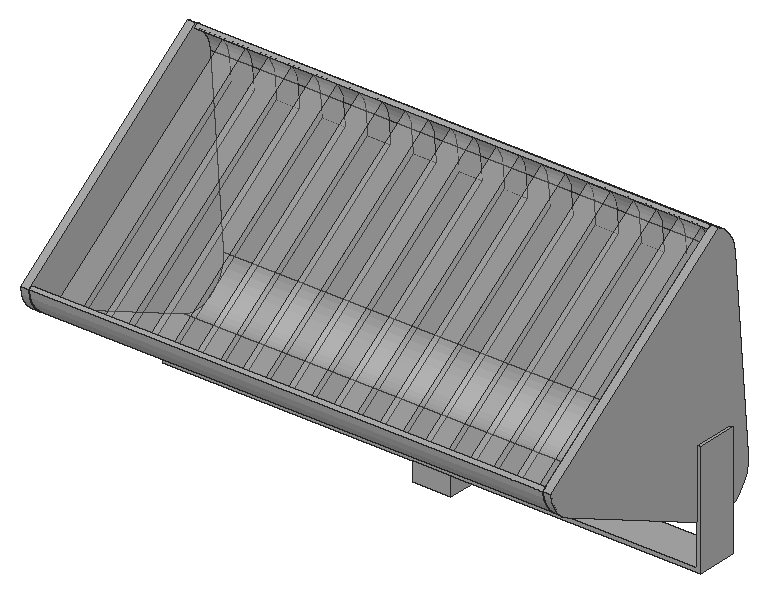
Revit family "AKTHLCE227", category Lighting Fixtures, host Face, Revit 2012
Parameters (values of type "AKTHLCE227")
  Wattage Comments = "24W/26W/27W"
  Wattage = 27 W
  built-in parameter 1150110 = 1 (stored number, unit not read)
  built-in parameter 1114217 = 1 (stored number, unit not read)
  Tilt Angle = -90.00°
  built-in parameter 1150109 = 1 (stored number, unit not read)
  built-in parameter 1150134 = 3
  built-in parameter 1150113 = 1 (stored number, unit not read)
  Photometric Web File = "generic"
  built-in parameter 1150142 = (empty or 0)
  built-in parameter 1150105 = 319.16 (stored number, unit not read)
  Lumens = 4010.63 lm
  built-in parameter 1150115 = 1 (stored number, unit not read)
  built-in parameter 1150137 = (empty or 0)
  built-in parameter 1150139 = (empty or 0)
  built-in parameter 1150112 = 1 (stored number, unit not read)
  built-in parameter 1150114 = 1 (stored number, unit not read)
  built-in parameter 1150132 = (empty or 0)
  built-in parameter 1150102 = (empty or 0)
  built-in parameter 1150107 = 3200 (stored number, unit not read)
  built-in parameter 1150138 = (empty or 0)
  built-in parameter 1150106 = 3.1916 (stored number, unit not read)
  Finish = Diecast Aluminium
  URL = "http://www.prescolite.com"
  Product Page URL = "http://www.prescolite.com/products/wall_wash/"
  Product Documentation Link = ""
  Model = "AKTHLCE227"  # constant formula
  Manufacturer Phone = "864-678-1000"  # constant formula
  Manufacturer Fax = "864-678-1065"  # constant formula
  Manufacturer = "Prescolite"  # constant formula
  Lamp = "2"
  Family = "CFL Wall Wash"
  Emit from Line Length = 24"
  built-in parameter 1150104 = 13.8 (stored number, unit not read)
  Dimming Lamp Color Temperature Shift = <None>
  Description = "Two High Lumen CFL RS Lamp upto 27W"  # constant formula
  Default Elevation = 48"
  Color Filter = 16777215
  Blades = Metallic specular clear
  built-in parameter 1114218 = 1 (stored number, unit not read)
  built-in parameter 1150133 = 10 (stored number, unit not read)
Reference planes (in)
  plane 1 "Center (Front/Back)": y = 0
  plane 2: z = 0
  plane 3 "Center (Left/Right)": x = 0.0375
  plane 4: z = 0
  plane 5: z = 8.5
  plane 6: x = -7.025
  plane 7: x = 7.1
  plane 8: x = -6.925
  plane 9: x = 7
Forms (in)
  Extrusion 1, solid, material "Diecast Aluminium" <- "Finish"
    sketch origin (0, 0, 0) x (1, 0, 0) y (0, 0, 1)
      loop
        line (-7.025, 3.48908) -> (-7.025, 0.5) -> (7.1, 0.5) -> (7.1, 3.48908) -> (7, 3.48908) -> (7, 0.60156) -> (-6.925, 0.60156) -> (-6.925, 3.48908) -> (-7.025, 3.48908)
    from -0.5291 to 0.52581
  Extrusion 2, solid, material "Diecast Aluminium" <- "Finish"
    sketch origin (0.0375, 0.54026, 0.05678) x (0, -0.978148, -0.207912) y (0, 0.207912, -0.978148)
      loop
        line (-1.12135, -2.30106) -> (-1.72645, -7.22926)
        arc (-1.72645, -7.22926) -> (-1.66045, -7.72731) -> (-1.36058, -8.13041) r 1
        line (-1.36058, -8.13041) -> (4.83249, -5.50161)
        arc (4.83249, -5.50161) -> (4.75083, -5.00589) -> (4.43841, -4.61244) r 1
        line (4.43841, -4.61244) -> (0.47302, -1.6243)
        arc (0.47302, -1.6243) -> (-0.51953, -1.50243) -> (-1.12135, -2.30106) r 1
    from -6.9625 to -6.75
  Extrusion 3, solid, material "Diecast Aluminium" <- "Finish"
    sketch origin (0.0375, 0.54026, 0.05678) x (0, -0.978148, -0.207912) y (0, -0.207912, 0.978148)
      loop
        line (-1.72645, 7.22926) -> (-1.12135, 2.30106)
        arc (-1.12135, 2.30106) -> (-0.51953, 1.50243) -> (0.47302, 1.6243) r 1
        line (0.47302, 1.6243) -> (4.43841, 4.61244)
        arc (4.43841, 4.61244) -> (4.75083, 5.00589) -> (4.83249, 5.50161) r 1
        line (4.83249, 5.50161) -> (4.72463, 5.54739)
        arc (4.72463, 5.54739) -> (4.66881, 5.07253) -> (4.37729, 4.69355) r 0.89844
        line (4.37729, 4.69355) -> (0.41189, 1.70541)
        arc (0.41189, 1.70541) -> (-0.47985, 1.59592) -> (-1.02054, 2.31344) r 0.89844
        line (-1.02054, 2.31344) -> (-1.62565, 7.24164)
        arc (-1.62565, 7.24164) -> (-1.55596, 7.71365) -> (-1.25444, 8.08341) r 0.89844
        line (-1.25444, 8.08341) -> (-1.36216, 8.12914)
        arc (-1.36216, 8.12914) -> (-1.66083, 7.72637) -> (-1.72645, 7.22926) r 1
    from -6.75 to 6.75
  Extrusion 4, solid, material "Metallic specular clear" <- "Blades"
    sketch origin (0.0375, 0.54026, 0.05678) x (0, -0.978148, -0.207912) y (0, -0.207912, 0.978148)
      loop
        line (-1.62565, 7.24164) -> (-1.5513, 6.63613) -> (3.89007, 4.3264) -> (4.37729, 4.69355)
        arc (4.37729, 4.69355) -> (4.57369, 4.89738) -> (4.69693, 5.15221) r 0.89844
        line (4.69693, 5.15221) -> (-1.51776, 7.79019)
        arc (-1.51776, 7.79019) -> (-1.61545, 7.52452) -> (-1.62565, 7.24164) r 0.89844
    from -6.75 to 6.75
  Extrusion 5, void
    sketch origin (18.32712, 0.54026, 0.05678) x (0, -0.978148, -0.207912) y (0, -0.207912, 0.978148)
      loop
        line (4.72953, 5.31183) -> (-1.42558, 7.92452)
        arc (-1.42558, 7.92452) -> (-1.5961, 7.60373) -> (-1.62565, 7.24164) r 0.89844
        line (-1.62565, 7.24164) -> (-1.5513, 6.63613) -> (3.89007, 4.3264) -> (4.37729, 4.69355)
        arc (4.37729, 4.69355) -> (4.61723, 4.96633) -> (4.72953, 5.31183) r 0.89844
    from 11.34594 to 11.93581
  Extrusion 6, void
    sketch origin (17.12975, 0.54026, 0.05678) x (0, -0.978148, -0.207912) y (0, -0.207912, 0.978148)
      loop
        line (4.72953, 5.31183) -> (-1.42558, 7.92452)
        arc (-1.42558, 7.92452) -> (-1.5961, 7.60373) -> (-1.62565, 7.24164) r 0.89844
        line (-1.62565, 7.24164) -> (-1.5513, 6.63613) -> (3.89007, 4.3264) -> (4.37729, 4.69355)
        arc (4.37729, 4.69355) -> (4.61723, 4.96633) -> (4.72953, 5.31183) r 0.89844
    from 11.34594 to 11.93581
  Extrusion 7, void
    sketch origin (15.93238, 0.54026, 0.05678) x (0, -0.978148, -0.207912) y (0, -0.207912, 0.978148)
      loop
        line (4.72953, 5.31183) -> (-1.42558, 7.92452)
        arc (-1.42558, 7.92452) -> (-1.5961, 7.60373) -> (-1.62565, 7.24164) r 0.89844
        line (-1.62565, 7.24164) -> (-1.5513, 6.63613) -> (3.89007, 4.3264) -> (4.37729, 4.69355)
        arc (4.37729, 4.69355) -> (4.61723, 4.96633) -> (4.72953, 5.31183) r 0.89844
    from 11.34594 to 11.93581
  Extrusion 8, void
    sketch origin (14.73501, 0.54026, 0.05678) x (0, -0.978148, -0.207912) y (0, -0.207912, 0.978148)
      loop
        line (4.72953, 5.31183) -> (-1.42558, 7.92452)
        arc (-1.42558, 7.92452) -> (-1.5961, 7.60373) -> (-1.62565, 7.24164) r 0.89844
        line (-1.62565, 7.24164) -> (-1.5513, 6.63613) -> (3.89007, 4.3264) -> (4.37729, 4.69355)
        arc (4.37729, 4.69355) -> (4.61723, 4.96633) -> (4.72953, 5.31183) r 0.89844
    from 11.34594 to 11.93581
  Extrusion 9, void
    sketch origin (13.53765, 0.54026, 0.05678) x (0, -0.978148, -0.207912) y (0, -0.207912, 0.978148)
      loop
        line (4.72953, 5.31183) -> (-1.42558, 7.92452)
        arc (-1.42558, 7.92452) -> (-1.5961, 7.60373) -> (-1.62565, 7.24164) r 0.89844
        line (-1.62565, 7.24164) -> (-1.5513, 6.63613) -> (3.89007, 4.3264) -> (4.37729, 4.69355)
        arc (4.37729, 4.69355) -> (4.61723, 4.96633) -> (4.72953, 5.31183) r 0.89844
    from 11.34594 to 11.93581
  Extrusion 10, void
    sketch origin (12.34028, 0.54026, 0.05678) x (0, -0.978148, -0.207912) y (0, -0.207912, 0.978148)
      loop
        line (4.72953, 5.31183) -> (-1.42558, 7.92452)
        arc (-1.42558, 7.92452) -> (-1.5961, 7.60373) -> (-1.62565, 7.24164) r 0.89844
        line (-1.62565, 7.24164) -> (-1.5513, 6.63613) -> (3.89007, 4.3264) -> (4.37729, 4.69355)
        arc (4.37729, 4.69355) -> (4.61723, 4.96633) -> (4.72953, 5.31183) r 0.89844
    from 11.34594 to 11.93581
  Extrusion 11, void
    sketch origin (11.14291, 0.54026, 0.05678) x (0, -0.978148, -0.207912) y (0, -0.207912, 0.978148)
      loop
        line (4.72953, 5.31183) -> (-1.42558, 7.92452)
        arc (-1.42558, 7.92452) -> (-1.5961, 7.60373) -> (-1.62565, 7.24164) r 0.89844
        line (-1.62565, 7.24164) -> (-1.5513, 6.63613) -> (3.89007, 4.3264) -> (4.37729, 4.69355)
        arc (4.37729, 4.69355) -> (4.61723, 4.96633) -> (4.72953, 5.31183) r 0.89844
    from 11.34594 to 11.93581
  Extrusion 12, void
    sketch origin (9.94554, 0.54026, 0.05678) x (0, -0.978148, -0.207912) y (0, -0.207912, 0.978148)
      loop
        line (4.72953, 5.31183) -> (-1.42558, 7.92452)
        arc (-1.42558, 7.92452) -> (-1.5961, 7.60373) -> (-1.62565, 7.24164) r 0.89844
        line (-1.62565, 7.24164) -> (-1.5513, 6.63613) -> (3.89007, 4.3264) -> (4.37729, 4.69355)
        arc (4.37729, 4.69355) -> (4.61723, 4.96633) -> (4.72953, 5.31183) r 0.89844
    from 11.34594 to 11.93581
  Extrusion 13, void
    sketch origin (8.74817, 0.54026, 0.05678) x (0, -0.978148, -0.207912) y (0, -0.207912, 0.978148)
      loop
        line (4.72953, 5.31183) -> (-1.42558, 7.92452)
        arc (-1.42558, 7.92452) -> (-1.5961, 7.60373) -> (-1.62565, 7.24164) r 0.89844
        line (-1.62565, 7.24164) -> (-1.5513, 6.63613) -> (3.89007, 4.3264) -> (4.37729, 4.69355)
        arc (4.37729, 4.69355) -> (4.61723, 4.96633) -> (4.72953, 5.31183) r 0.89844
    from 11.34594 to 11.93581
  Extrusion 14, void
    sketch origin (7.5508, 0.54026, 0.05678) x (0, -0.978148, -0.207912) y (0, -0.207912, 0.978148)
      loop
        line (4.72953, 5.31183) -> (-1.42558, 7.92452)
        arc (-1.42558, 7.92452) -> (-1.5961, 7.60373) -> (-1.62565, 7.24164) r 0.89844
        line (-1.62565, 7.24164) -> (-1.5513, 6.63613) -> (3.89007, 4.3264) -> (4.37729, 4.69355)
        arc (4.37729, 4.69355) -> (4.61723, 4.96633) -> (4.72953, 5.31183) r 0.89844
    from 11.34594 to 11.93581
  Extrusion 15, void
    sketch origin (6.35344, 0.54026, 0.05678) x (0, -0.978148, -0.207912) y (0, -0.207912, 0.978148)
      loop
        line (4.72953, 5.31183) -> (-1.42558, 7.92452)
        arc (-1.42558, 7.92452) -> (-1.5961, 7.60373) -> (-1.62565, 7.24164) r 0.89844
        line (-1.62565, 7.24164) -> (-1.5513, 6.63613) -> (3.89007, 4.3264) -> (4.37729, 4.69355)
        arc (4.37729, 4.69355) -> (4.61723, 4.96633) -> (4.72953, 5.31183) r 0.89844
    from 11.34594 to 11.93581
  Extrusion 16, void
    sketch origin (5.15607, 0.54026, 0.05678) x (0, -0.978148, -0.207912) y (0, -0.207912, 0.978148)
      loop
        line (4.72953, 5.31183) -> (-1.42558, 7.92452)
        arc (-1.42558, 7.92452) -> (-1.5961, 7.60373) -> (-1.62565, 7.24164) r 0.89844
        line (-1.62565, 7.24164) -> (-1.5513, 6.63613) -> (3.89007, 4.3264) -> (4.37729, 4.69355)
        arc (4.37729, 4.69355) -> (4.61723, 4.96633) -> (4.72953, 5.31183) r 0.89844
    from 11.34594 to 11.93581
  Extrusion 17, solid, material "Diecast Aluminium" <- "Finish"
    sketch origin (0, 0, 0) x (1, 0, 0) y (0, 0, 1)
      loop
        line (-0.4625, 0.5) -> (-0.4625, 0) -> (0.5375, 0) -> (0.5375, 0.5) -> (-0.4625, 0.5)
    from -0.5291 to 0.52581
  Extrusion 18, solid, material "Diecast Aluminium" <- "Finish"
    sketch origin (0.0375, 0.54026, 0.05678) x (0, -0.978148, -0.207912) y (0, -0.207912, 0.978148)
      loop
        arc (-1.12135, 2.30106) -> (-0.51953, 1.50243) -> (0.47302, 1.6243) r 1
        line (0.47302, 1.6243) -> (4.43841, 4.61244)
        arc (4.43841, 4.61244) -> (4.75083, 5.00589) -> (4.83249, 5.50161) r 1
        line (4.83249, 5.50161) -> (-1.36058, 8.13041)
        arc (-1.36058, 8.13041) -> (-1.66045, 7.72731) -> (-1.72645, 7.22926) r 1
        line (-1.72645, 7.22926) -> (-1.12135, 2.30106)
    from -6.9625 to -6.75
Cuts and joins
  Extrusion 5, Extrusion 6, Extrusion 7, Extrusion 8, Extrusion 9, Extrusion 10, Extrusion 11, Extrusion 12, Extrusion 13, Extrusion 14, Extrusion 15, Extrusion 16 cuts Extrusion 3
  Extrusion 5, Extrusion 6, Extrusion 7, Extrusion 8, Extrusion 9, Extrusion 10, Extrusion 11, Extrusion 12, Extrusion 13, Extrusion 14, Extrusion 15, Extrusion 16 cuts Extrusion 4
Dimensions and locks (in)
  locked: plane 5 to plane 4 at 8.5
  locked: imposter light to plane 6 at 7.0625
  locked: plane 7 to plane 6 at 14.125
  aligned and locked: plane 2 to host face
  aligned and locked: level to host face
  aligned and locked: Extrusion 1 to Extrusion 1
  aligned and locked: Extrusion 2 to Extrusion 1
  aligned and locked: Extrusion 3 to Extrusion 2
  aligned and locked: Extrusion 4 sketch curve to Extrusion 3  (x3)
  aligned and locked: Extrusion 3 to Extrusion 4 sketch curve
  aligned and locked: Extrusion 3 to Extrusion 4  (x2)
  aligned and locked: Extrusion 1 to Extrusion 17 sketch curve  (x2)
  aligned and locked: level to Extrusion 17 sketch curve
  aligned and locked: Extrusion 17 sketch curve to level
  aligned and locked: Extrusion 17 sketch curve to Extrusion 1
  aligned and locked: Extrusion 1 to Extrusion 17  (x2)
  aligned and locked: plane 6 to Extrusion 1
  aligned and locked: Extrusion 1 to plane 8
  aligned and locked: Extrusion 1 to plane 7
  aligned and locked: plane 9 to Extrusion 1
  aligned and locked: Extrusion 3 to Extrusion 18
Connectors (in)
  electrical at (0.0375, 0.00165, 0), driven by "Description"
    settings: on Extrusion 17, index 1, voltage 0 V, apparent load 0 VA, apparent load phase1 0 VA, apparent load phase2 0 VA, apparent load phase3 0 VA, power factor 1, load classification "Other", number of poles 1, system type 30, power factor state 1, is connector primary yes, connector utility no, sub classification motor no, connector description "Two High Lumen CFL RS Lamp upto 27W"
